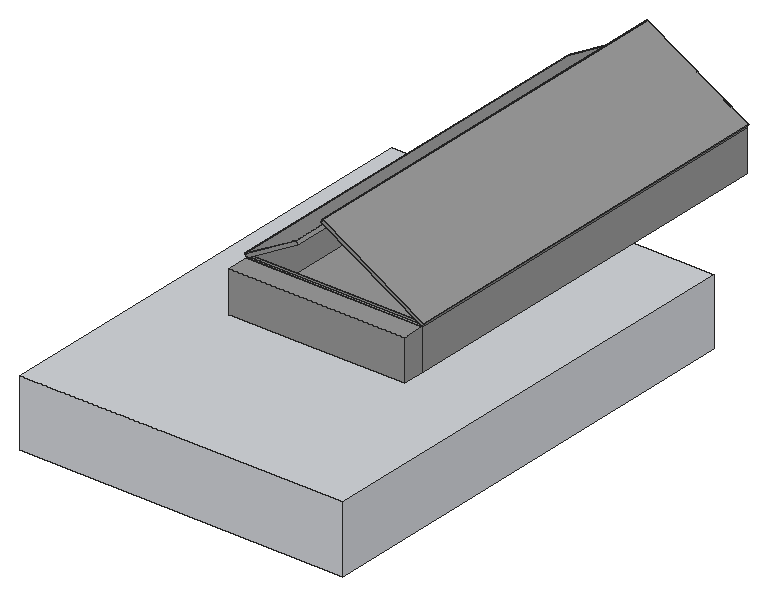
Revit family "Hager-Univers-IP54-D205-H1950-Cl.I-Encl-CH-fr", category Equipement électrique, Revit 2020
Family settings
  Hôte = Face
  Configuration du panneau = Deux colonnes, circuits au sein
  Cote de connecteur circulaire = Utiliser le diamètre
  Type d'élément = Tableau de raccordement
  Couper avec des vides une fois chargée = Non
  Partagée = Non
  Point de calcul de pièce = Non
Parameters (values of type "installation au sol IP54 L800 H1950 P205  - FP23TW2")
  Width Control [instance] = if([EF000008 - largeur] > Min Width, [EF000008 - largeur], Min Width)  # 800 mm
  Commentaires du type = [HG000003 - Gamme]  # "Univers"
  Thickness Door [instance] = if([EF009171 - épaisseur de matériau de la porte/du couvercle] > 3 mm, 3 mm, [EF009171 - épaisseur de matériau de la porte/du couvercle])  # 1 mm
  Seal Frame Offset [instance] = 17 mm  # constant formula
  Plinth Visibility [instance] = [HG000027 - Hauteur du socle] > 0 mm  # yes
  Model = ""
  Min Width [instance] = 100 mm  # constant formula
  Min Height [instance] = 100 mm  # constant formula
  Min Depth [instance] = (2 * [EF009170 - épaisseur de matériau du boîtier]) + 1 mm  # 3 mm
  Internal Frame Depth [instance] = (Door System Depth * 0.5)  # 9 mm
  Height Control [instance] = if([EF000040 - hauteur] > Min Height, [EF000040 - hauteur], Min Height)  # 1950 mm
  HG000027 - Hauteur du socle = 100 mm
  HG000026 - Installation au sol = yes
  HG000024 - Hauteur de la section basse = 800 mm
  HG000023 - Armoire double section = no
  HG000016 - Visibilité de la porte 3D [instance] = yes
  HG000015 - Visibilité de l'emprise de la porte [instance] = no
  HG000014 - Porte à droite [instance] = yes
  HG000013 - Porte à gauche [instance] = not([HG000014 - Porte à droite])  # no
  HG000012 - Angle de pivotement de la porte [instance] = 30.00°
  HG000010 - Portes asymétriques = yes
  HG000009 - Porte à double battant = yes
  HG000006 - Encastré = no
  HG000004 - Référence fabricant = "FP23TW2"
  HG000003 - Gamme = "Univers"
  HG000002 - avec porte = yes
  Frame Offset Bottom [instance] = 10 mm  # constant formula
  Frame Offset [instance] = 15 mm  # constant formula
  EF015940 - couvercle avec décharge de pression = no
  EF011959 - degré de protection (NEMA) = ""
  EF009554 - nombre d'ouvertures pour plaques à bride = 6
  Fabricant = "Hager"  # constant formula
  EF009212 - finition du couvercle = "EV000116 - fermé"
  EF009171 - épaisseur de matériau de la porte/du couvercle = 1 mm
  EF009170 - épaisseur de matériau du boîtier = 1 mm
  EF008873 - courant nominal (In) = 400 A
  EF007800 - adapté à un parafoudre = no
  EF006306 - avec serrure = no
  EF006244 - couvercle/porte transparent(e) = no
  EF005474 - indice de protection (IP) = "EV006419 - IP54"
  EF004464 - type de porte = "EV002646 - unique"
  EF004427 - nombre de modules = 432
  EF004293 - indice de protection contre les chocs (IK) = "EV006815 - IK09"
  EF003532 - convient pour utilisation à l’extérieur = no
  EF002950 - largeur en nombre de modules = 36
  EF001613 - maintien de fonction = "EV000494 - sans"
  EF001596 - matériau du boîtier/corps = "EV000179 - acier"
  EF001131 - profondeur intérieure = 205 mm
  EF001088 - possibilité de montage en saillie = yes
  EF000437 - nombre d'entrées de conduit = 6
  EF000339 - type de capot = "EV001012 - couvercle"
  EF000266 - nombre de rangées = 12
  EF000218 - profondeur d'encastrement = 0 mm
  EF000118 - avec cadre/support de montage = no
  EF000116 - numéro RAL = "9010"
  EF000049 - profondeur = 205 mm
  EF000040 - hauteur = 1950 mm
  EF000008 - largeur = 800 mm
  EF000007 - couleur = "EV000202 - blanc"
  EF000003 - mode de pose = "EV012274 - installation au sol"
  Door System Leaf Tolerance [instance] = 1.5 mm  # constant formula
  Door System Depth [instance] = 18 mm  # constant formula
  Door Height [instance] = Height Control - [HG000027 - Hauteur du socle]  # 1850 mm
  Depth Control [instance] = if([EF000049 - profondeur] > Min Depth, [EF000049 - profondeur], Min Depth)  # 205 mm
  Default Elevation = 0 mm
  Connector Offset [instance] = Height Control / 2  # 975 mm
  Bottom Top Plate Trim [instance] = 1.5 mm  # constant formula
  Plinth height Ctrl [instance] = if([HG000027 - Hauteur du socle] > 0 mm, [HG000027 - Hauteur du socle], 12 mm)  # 100 mm
Types (4, lengths in mm): name | Width Control | HG000010 - Portes asymétriques | HG000009 - Porte à double battant | HG000004 - Référence fabricant | EF009554 - nombre d'ouvertures pour plaques à bride | EF008873 - courant nominal (In) | EF004464 - type de porte | EF004427 - nombre de modules | EF002950 - largeur en nombre de modules | EF000437 - nombre d'entrées de conduit | EF000008 - largeur
  installation au sol IP54 L1300 H1950 P205  - FP25TW2 | 1300 | yes | yes | "FP25TW2" | 10 | 400 A | "EV003602 - double" | 720 | 60 | 10 | 1300
  installation au sol IP54 L300 H1950 P205  - FP21TW2 | 300 | no | no | "FP21TW2" | 2 | 250 A | "EV002646 - unique" | 144 | 12 | 2 | 300
  installation au sol IP54 L550 H1950 P205  - FP22TW2 | 550 | no | no | "FP22TW2" | 4 | 400 A | "EV002646 - unique" | 288 | 24 | 4 | 550
  installation au sol IP54 L800 H1950 P205  - FP23TW2 | 800 | yes | yes | "FP23TW2" | 6 | 400 A | "EV002646 - unique" | 432 | 36 | 6 | 800
Reference planes
  plane 1 "Center (Front/Back)": y = 0
  plane 2: z = 0
  plane 3 "Center (Left/Right)": x = 0
  plane 4: z = 205
  plane 5: y = 101
  plane 6: y = 1025
  plane 7: y = 100
  plane 8: y = 1950
  plane 9: z = 0
  plane 10: x = -385
  plane 11: x = 385
  plane 12: x = 384
  plane 13: x = -384
  plane 14: y = 1949
  plane 15: x = -383
  plane 16: x = -400
  plane 17: x = 383
  plane 18: x = 400
  plane 19: x = 399
  plane 20: x = -399
  plane 21: y = 111
  plane 22: y = 1950
  plane 23: y = 1934
  plane 24: z = 187
  plane 25: z = 1
  plane 26: z = 186
  plane 27: z = 204
Forms (mm)
  Extrusion 1, solid
    sketch origin (0, 0, 0) x (1, 0, 0) y (0, 1, 0)
      loop
        line (-702.964, 1305) -> (-702.964, -811.445) -> (766.763, -811.445) -> (766.763, 1305) -> (-702.964, 1305)
    from 0 to -304.8
  Extrusion 2, solid, material "Hager_Steel_RAL7035_Light_Grey", visible <- "Plinth Visibility", detail levels medium+fine
    sketch origin (0, 0, 0) x (1, 0, 0) y (0, 1, 0)
      loop
        line (-400, 0) -> (400, 0) -> (400, 100) -> (-400, 100) -> (-400, 0)
    from 0 to 187
  Extrusion 3, solid, material "Hager_Steel_RAL7035_Light_Grey", detail levels medium+fine
    sketch origin (0, 0, 0) x (1, 0, 0) y (0, 1, 0)
      loop
        line (-400, 100) -> (400, 100) -> (400, 1950) -> (-400, 1950) -> (-400, 100)
    from 0 to 187
  Extrusion 4, void
    sketch origin (0, 0, 0) x (1, 0, 0) y (0, 1, 0)
      loop
        line (-399, 101) -> (399, 101) -> (399, 1949) -> (-399, 1949) -> (-399, 101)
    from 1 to 186
  Extrusion 5, void
    sketch origin (-381.607, -4572, 187) x (0, -1, 0) y (-1, 0, 0)
      loop
        line (-4683, 2.393) -> (-6506, 2.393) -> (-6506, -765.607) -> (-4683, -765.607) -> (-4683, 2.393)
    from 0 to 1 <- "EF009170 - épaisseur de matériau du boîtier"
  Extrusion 6, solid, material "Hager_Steel_RAL7035_Light_Grey", detail levels fine
    sketch origin (0, 0, 187) x (1, 0, 0) y (0, 1, 0)
      loop
        line (-384, 1934) -> (-384, 111) -> (384, 111) -> (384, 1934) -> (-384, 1934)
      loop
        line (-385, 110) -> (385, 110) -> (385, 1935) -> (-385, 1935) -> (-385, 110)
    from 0 to 9 <- "Internal Frame Depth"
  Extrusion 7, solid, material "Hager_Steel_RAL7035_Light_Grey", detail levels coarse
    sketch origin (0, 0, 0) x (1, 0, 0) y (0, 1, 0)
      loop
        line (-400, 0) -> (400, 0) -> (400, 1950) -> (-400, 1950) -> (-400, 0)
    from 0 to 205
  Sweep 8, void
    path in 3D
      loop
        line (-400, 100, 0) -> (400, 100, 0) -> (400, 100, 187) -> (-400, 100, 187) -> (-400, 100, 0)
    profile origin (-400, 100, 93.5) x (-1, 0, 0) y (0, -1, 0)
      loop
        line (0, 0) -> (0, 1.5) -> (-1.5, 1.5)
        arc (-1.5, 1.5) -> (-1.061, 0.439) -> (0, 0) r 1.5
Cuts and joins
  Extrusion 4, Extrusion 5 cuts Extrusion 3
  Sweep 8 cuts Extrusion 2
Lines and regions (mm)
  Masking region 1
    outline origin (0, 0, 0) x (1, 0, 0) y (0, 0, 1)
      loop
        line (-400, 205) -> (-400, 0) -> (400, 0) -> (400, 205) -> (-400, 205)
  Masking region 2, detail levels medium+fine
    outline origin (0, 140, 0) x (0, 1, 0) y (0, 0, 1)
      loop
        line (-40, 0) -> (1810, 0) -> (1810, 187) -> (-40, 187) -> (-40, 0)
  Masking region 3, not visible, detail levels medium+fine
    outline origin (0, 297.922, 0) x (0, 1, 0) y (0, 0, 1)
      loop
        line (738.578, 0) -> (778.578, 0) -> (778.578, 194)
        arc (778.578, 194) -> (775.649, 201.071) -> (768.578, 204) r 10
        line (768.578, 204) -> (738.578, 204) -> (738.578, 0)
  Masking region 4, detail levels coarse
    outline origin (0, 0, 180) x (0, 1, 0) y (0, 0, 1)
      loop
        line (0, -180) -> (1950, -180) -> (1950, 25) -> (0, 25) -> (0, -180)
  Masking region 5, visible <- "Plinth Visibility", detail levels medium+fine
    outline origin (0, 52.24, 12.345) x (0, 0, -1) y (0, 1, 0)
      loop
        line (10.845, 47.76) -> (-173.155, 47.76)
        arc (-173.155, 47.76) -> (-173.594, 46.699) -> (-174.655, 46.26) r 1.5
        line (-174.655, 46.26) -> (-174.655, -52.24) -> (12.345, -52.24) -> (12.345, 46.26)
        arc (12.345, 46.26) -> (11.285, 46.699) -> (10.845, 47.76) r 1.5
  Masking region 6, detail levels medium+fine
    outline origin (-381.607, -4572, 187) x (-1, 0, 0) y (0, -1, 0)
      loop
        line (18.393, -6522) -> (18.393, -4672) -> (-781.607, -4672) -> (-781.607, -6522) -> (18.393, -6522)
  Masking region 7, visible <- "Plinth Visibility", detail levels medium+fine
    outline origin (-381.607, -4727, 187) x (-1, 0, 0) y (0, -1, 0)
      loop
        arc (16.893, -4827) -> (17.332, -4825.939) -> (18.393, -4825.5) r 1.5
        line (18.393, -4825.5) -> (18.393, -4727) -> (-781.607, -4727) -> (-781.607, -4825.5)
        arc (-781.607, -4825.5) -> (-780.546, -4825.939) -> (-780.107, -4827) r 1.5
        line (-780.107, -4827) -> (16.893, -4827)
  Masking region 8, detail levels coarse
    outline origin (-442.548, -4669.526, 187) x (-1, 0, 0) y (0, -1, 0)
      loop
        line (-42.548, -6619.526) -> (-42.548, -4669.526) -> (-842.548, -4669.526) -> (-842.548, -6619.526) -> (-42.548, -6619.526)
  sketch lines
    curve 1: line (-400, 100, 187) -> (-400, 100, 0)
    curve 2: line (400, 100, 187) -> (-400, 100, 187)
    curve 3: line (400, 100, 187) -> (400, 100, 0)
    curve 4: line (-400, 100, 0) -> (400, 100, 0)
Dimensions and locks
  "Depth Control": plane 4 to Extrusion 1
  "HG000027 - Hauteur du socle": plane 1 "Center (Front/Back)" to plane 7
  "EF009170 - épaisseur de matériau du boîtier": plane 5 to plane 7
  locked: connector elem to plane 3 "Center (Left/Right)"
  equal spacing: plane 8, plane 6, plane 7
  locked: connector elem to plane 6
  "EF009170 - épaisseur de matériau du boîtier": plane 8 to plane 14
  "EF009170 - épaisseur de matériau du boîtier": plane 10 to plane 13
  "EF009170 - épaisseur de matériau du boîtier": plane 12 to plane 11
  "Frame Offset": plane 20 to plane 13
  "Frame Offset": plane 12 to plane 19
  "EF009170 - épaisseur de matériau du boîtier": plane 16 to plane 20
  "EF009170 - épaisseur de matériau du boîtier": plane 19 to plane 18
  "Seal Frame Offset": plane 16 to plane 15
  "Seal Frame Offset": plane 17 to plane 18
  "Frame Offset Bottom": plane 21 to plane 5
  "Frame Offset": plane 14 to plane 23
  equal spacing: plane 16, plane 3 "Center (Left/Right)", plane 18
  "Width Control": plane 16 to plane 18
  "EF009170 - épaisseur de matériau du boîtier": plane 4 to plane 27
  "EF009170 - épaisseur de matériau du boîtier": plane 24 to plane 26
  "EF009170 - épaisseur de matériau du boîtier": plane 25 to level
  "Door System Depth": plane 4 to plane 24
  "Height Control": plane 1 "Center (Front/Back)" to Extrusion 7 sketch curve
  "Height Control": Masking region 4 sketch curve to plane 1 "Center (Front/Back)"
  "Height Control": plane 1 "Center (Front/Back)" to plane 22
  "Bottom Top Plate Trim": profile plane to Sweep 8 sketch curve
  "Bottom Top Plate Trim": Sweep 8 sketch curve to profile plane
  "Plinth height Ctrl": plane 1 "Center (Front/Back)" to Extrusion 2 sketch curve
  "Plinth height Ctrl": Masking region 5 sketch curve to plane 1 "Center (Front/Back)"
  "Plinth height Ctrl": plane 1 "Center (Front/Back)" to Masking region 7 sketch curve
  "Thickness Door": Extrusion 6 sketch curve to Extrusion 6 sketch curve  (x3)
  "Thickness Door": cut or joined group of Extrusion 3, Extrusion 4, Extrusion 5 to Extrusion 6 sketch curve
  radius of Masking region 3 sketch curve = 10 mm
  "Bottom Top Plate Trim": radius of Masking region 5 sketch curve  (x2)
  "Bottom Top Plate Trim": radius of Sweep 8 sketch curve
  "Bottom Top Plate Trim": radius of Masking region 7 sketch curve  (x2)
  aligned and locked: plane 2 to Extrusion 1
  aligned and locked: level to Extrusion 1
  aligned and locked: level to Masking region 1 sketch curve
  aligned and locked: Masking region 1 sketch curve to plane 18
  aligned and locked: Masking region 1 sketch curve to plane 16
  aligned and locked: plane 7 to Masking region 2 sketch curve
  aligned and locked: level to Masking region 3 sketch curve
  aligned and locked: Masking region 3 sketch curve to plane 27
  aligned and locked: level to Masking region 2 sketch curve
  aligned and locked: plane 1 "Center (Front/Back)" to Extrusion 2 sketch curve
  aligned and locked: Extrusion 3 sketch curve to plane 7
  aligned and locked: plane 16 to Extrusion 3 sketch curve
  aligned and locked: plane 18 to Extrusion 3 sketch curve
  aligned and locked: plane 20 to Extrusion 4 sketch curve
  aligned and locked: plane 19 to Extrusion 4 sketch curve
  aligned and locked: Extrusion 4 sketch curve to plane 5
  aligned and locked: Extrusion 4 to plane 25
  aligned and locked: plane 26 to Extrusion 4
  aligned and locked: plane 24 to Extrusion 3
  aligned and locked: Extrusion 5 sketch curve to plane 21
  aligned and locked: Extrusion 5 sketch curve to plane 13
  aligned and locked: Extrusion 5 sketch curve to plane 12
  aligned and locked: plane 18 to Extrusion 7 sketch curve
  aligned and locked: plane 1 "Center (Front/Back)" to Extrusion 7 sketch curve
  aligned and locked: plane 16 to Extrusion 7 sketch curve
  aligned and locked: plane 4 to Extrusion 7
  aligned and locked: Extrusion 7 to level
  aligned and locked: level to Masking region 4 sketch curve
  aligned and locked: Masking region 4 sketch curve to plane 1 "Center (Front/Back)"
  aligned and locked: Masking region 4 sketch curve to plane 4
  aligned and locked: nested 1 to level
  aligned and locked: nested 1 to plane 16
  aligned and locked: plane 8 to Extrusion 3 sketch curve
  aligned and locked: plane 23 to Extrusion 5 sketch curve
  aligned and locked: plane 14 to Extrusion 4 sketch curve
  aligned and locked: Masking region 2 sketch curve to plane 8
  aligned and locked: level to Masking region 5 sketch curve
  aligned and locked: plane 16 to Extrusion 2 sketch curve
  aligned and locked: plane 18 to Extrusion 2 sketch curve
  aligned and locked: Masking region 5 sketch curve to plane 24
  aligned and locked: Masking region 2 sketch curve to plane 24
  aligned and locked: plane 24 to Extrusion 2
  aligned and locked: profile plane to Sweep 8 sketch curve  (x2)
  aligned and locked: Masking region 6 sketch curve to plane 18
  aligned and locked: Masking region 6 sketch curve to plane 22
  aligned and locked: Masking region 6 sketch curve to plane 16
  aligned and locked: plane 8 to plane 22
  aligned and locked: Masking region 6 sketch curve to plane 7
  aligned and locked: Masking region 7 sketch curve to plane 16
  aligned and locked: Masking region 7 sketch curve to plane 1 "Center (Front/Back)"
  aligned and locked: Masking region 7 sketch curve to plane 18
  aligned and locked: Masking region 8 sketch curve to plane 1 "Center (Front/Back)"
  aligned and locked: Masking region 8 sketch curve to plane 18
  aligned and locked: Masking region 8 sketch curve to plane 22
  aligned and locked: Masking region 8 sketch curve to plane 16
  aligned and locked: nested 2 to plane 7
  aligned and locked: plane 3 "Center (Left/Right)" to nested 2
  aligned and locked: nested 2 to plane 24
  aligned and locked: Extrusion 6 sketch curve to cut or joined group of Extrusion 3, Extrusion 4, Extrusion 5  (x4)
Automatic sketch dimensions
  Extrusion 1 sketch curve to Extrusion 1 sketch curve = 1469.727 mm
  Extrusion 1 sketch curve to Extrusion 1 sketch curve = 2116.445 mm
  Masking region 1 sketch curve to plane 4 = 0 mm
  plane 6 to Masking region 3 sketch curve = 11.5 mm
  Masking region 3 sketch curve to Masking region 3 sketch curve = 30 mm
  Masking region 5 sketch curve to plane 1 "Center (Front/Back)" = 0 mm
Nested families
  nested 1: "Hager_Enclosure_Symbol" at (-400, 0, 0) x (1, 0, 0) z (0, -1, 0), Height <- "Depth Control", Width <- "Width Control", type "Hager_Enclosure_Symbol"
    with Width_Ctrl 800 mm, Width 800 mm, Height_Ctrl 205 mm, Height 205 mm, A_Width_Int 13.453 mm, A_Width 161.438 mm, A_Height_Ctrl 179.375 mm, A_Height 179.375 mm
  nested 2: "EC000058_Univers_Door" at (0, 100, 187) x (1, 0, 0) z (0, 1, 0), Leaf_Tolerance <- "Door System Leaf Tolerance", Angle <- "HG000012 - Angle de pivotement de la porte", Door_Depth <- "Door System Depth", Door_Left <- "HG000013 - Porte à gauche", Transparent <- "EF006244 - couvercle/porte transparent(e)", Assymetrical <- "HG000010 - Portes asymétriques", Width <- "Width Control", Clearance <- "HG000015 - Visibilité de l'emprise de la porte", Double <- "HG000009 - Porte à double battant", 3d_Door <- "HG000016 - Visibilité de la porte 3D", Lock_Visibility <- "EF006306 - avec serrure", Width_Ctrl <- "Width Control", Door_Right <- "HG000014 - Porte à droite", Door <- "HG000002 - avec porte", Height <- "Door Height", Thickness <- "Thickness Door", type "EC000058_Univers_Door", detail levels medium+fine
    with min_wh 3 mm, Width_Ctrl 800 mm, Width 800 mm, Transparent no, Thickness 1 mm, Seal_Material Hager_Rubber, Lock_Visibility no, Lock_Material Hager_Plastic_RAL9005_Jet_Black, Leaf_Width 800 mm, Leaf_Tolerance_External_Sides 0 mm, Leaf_Tolerance 1.5 mm, Leaf_Offset 0 mm, Leaf_Height 1847 mm, Leaf_2_Width 532.583 mm, Leaf_2_Offset 266.292 mm, Leaf_1_Width 265.917 mm, Leaf_1_Offset 132.958 mm, Height_Ctrl 1850 mm, Height 1850 mm, Glass_Material Hager_Glass, Double_Clearance_Ctrl no, Double yes, Door_Right_Ctrl yes, Door_Right yes, Door_Material Hager_Steel_RAL7035_Light_Grey, Door_Left_Ctrl yes, Door_Left no, Door_Depth 18 mm, Door yes, Clearance_Material Hager_Clearance, Clearance_Depth 532.583 mm, Clearance_Ctrl no, Clearance no, Assymetrical yes, Angle 30.00°, 3d_Door yes
Connectors
  electrical at (0, 1025, 0)
    settings: on plane 9, index 1, voltage 0 V, apparent load 0 VA, apparent load phase1 0 VA, apparent load phase2 0 VA, apparent load phase3 0 VA, power factor 1, load classification "Other", number of poles 1, system type 30, power factor state 1, is connector primary yes, connector utility no, sub classification motor no, connector description ""
Definition of nested family "EC000058_Univers_Door"
  Parameters (values of type "EC000058_Univers_Door")
    min_wh [instance] = (2 * Thickness) + 1 mm  # 11 mm
    Width_Ctrl [instance] = 400 mm
    Width [instance] = 500 mm
    Transparent [instance] = yes
    Thickness [instance] = 5 mm
    Seal_Material [instance] = none
    Lock_Visibility [instance] = yes
    Lock_Material [instance] = none
    Leaf_Width [instance] = if((Width_Ctrl - 2 * Leaf_Tolerance_External_Sides) > 0 mm, (Width_Ctrl - 2 * Leaf_Tolerance_External_Sides), min_wh)  # 400 mm
    Leaf_Tolerance_External_Sides [instance] = 0 mm  # constant formula
    Leaf_Tolerance [instance] = 1.5 mm
    Leaf_Offset [instance] = 0 mm  # constant formula
    Leaf_Height [instance] = if((Height_Ctrl - 2 * Leaf_Tolerance) > 0 mm, (Height_Ctrl - 2 * Leaf_Tolerance), min_wh)  # 497 mm
    Leaf_2_Width [instance] = if(and(and(Double, Assymetrical), Door_Left), (Leaf_Width / 3) - (Leaf_Tolerance / 2), if(and(and(Double, Assymetrical), Door_Right), (Leaf_Width / 3) * 2 - (Leaf_Tolerance / 2), if(and(Double, not(Assymetrical)), (Leaf_Width / 2) - Leaf_Tolerance, Leaf_Width)))  # 400 mm
    Leaf_2_Offset [instance] = if(and(Double, Assymetrical), Leaf_2_Width / 2, if(and(Double, not(Assymetrical)), Leaf_Width / 4, Leaf_Width / 2))  # 200 mm
    Leaf_1_Width [instance] = if(and(and(Double, Assymetrical), Door_Right), (Leaf_Width / 3) - (Leaf_Tolerance / 2), if(and(and(Double, Assymetrical), Door_Left), (Width / 3) * 2 - (Leaf_Tolerance / 2), if(and(Double, not(Assymetrical)), (Leaf_Width / 2) - Leaf_Tolerance, Leaf_Width)))  # 400 mm
    Leaf_1_Offset [instance] = if(and(Double, Assymetrical), Leaf_1_Width / 2, if(and(Double, not(Assymetrical)), Leaf_Width / 4, Leaf_Width / 2))  # 200 mm
    Height_Ctrl [instance] = if(Height > min_wh, Height, min_wh)  # 500 mm
    Height [instance] = 500 mm
    Glass_Material [instance] = none
    Double_Clearance_Ctrl [instance] = and(Double, Clearance)  # no
    Double [instance] = no
    Door_Right_Ctrl [instance] = and(or(Door_Right, Double), Door)  # yes
    Door_Right [instance] = yes
    Door_Material [instance] = none
    Door_Left_Ctrl [instance] = and(or(Door_Left, Double), Door)  # no
    Door_Left [instance] = no
    Door_Depth [instance] = 30 mm
    Door [instance] = yes
    Default Elevation = 1219.2 mm
    Clearance_Material [instance] = none
    Clearance_Depth [instance] = if(Leaf_1_Width > Leaf_2_Width, Leaf_1_Width, Leaf_2_Width)  # 400 mm
    Clearance_Ctrl [instance] = and(not(Double), Clearance)  # yes
    Clearance [instance] = yes
    Assymetrical [instance] = yes
    Angle [instance] = 30.00°
    3d_Door [instance] = yes
  Reference planes
    plane 1 "Center (Front/Back)": y = 0
    plane 2 "Bottom": z = 0
    plane 3 "Center (Left/Right)": x = 0
    plane 4: z = 500
    plane 5: x = -200
    plane 6: x = 200
    plane 7: z = 500
    plane 8: x = -200
    plane 9: z = 0
    plane 10: x = 200
    plane 11: y = 0
    plane 12: z = 1.5
    plane 13: x = -600
    plane 14: y = -400
    plane 15: x = 600
    plane 16: x = 0
    plane 17: x = 0
    plane 18: x = -200
    plane 19: x = 200
    plane 20: z = 498.5
  Forms (mm)
    Extrusion 1, solid, material <- "Clearance_Material", visible <- "Double_Clearance_Ctrl"
      sketch origin (1200, 0, 0) x (1, 0, 0) y (0, 0, -1)
        loop
          line (-1800, -498.5) -> (-600, -498.5) -> (-600, 0) -> (-1800, 0) -> (-1800, -498.5)
      from 0 to -400
  Dimensions and locks
    equal spacing: plane 5, plane 3 "Center (Left/Right)", plane 6
    "Width_Ctrl": plane 5 to plane 6
    "Leaf_Offset": plane 5 to plane 8
    "Leaf_Offset": plane 6 to plane 10
    "Leaf_Offset": plane 9 to level
    "Leaf_Offset": plane 4 to plane 7
    "Height_Ctrl": plane 4 to level
    "Leaf_Tolerance": plane 12 to plane 9
    locked: plane 11 to plane 1 "Center (Front/Back)"
    "Leaf_1_Offset": plane 18 to plane 16
    "Leaf_2_Offset": plane 17 to plane 19
    "Leaf_1_Width": plane 13 to plane 8
    "Leaf_2_Width": plane 10 to plane 15
    "Clearance_Depth": plane 14 to plane 1 "Center (Front/Back)"
    "Leaf_Tolerance_External_Sides": plane 8 to plane 18
    "Leaf_Tolerance_External_Sides": plane 19 to plane 10
    "Leaf_Tolerance": plane 7 to plane 20
    aligned and locked: level to plane 2 "Bottom"
    aligned and locked: nested 1 to plane 16
    aligned and locked: nested 2 to plane 17
    aligned and locked: Extrusion 1 to plane 13
    aligned and locked: plane 15 to Extrusion 1
    aligned and locked: Extrusion 1 to plane 14
    aligned and locked: plane 12 to nested 1
    aligned and locked: nested 2 to plane 12
    aligned and locked: Extrusion 1 to plane 11
    aligned and locked: plane 20 to Extrusion 1
    aligned and locked: nested 2 to plane 11
    aligned and locked: nested 1 to plane 11
  Automatic sketch dimensions
    Extrusion 1 sketch curve to level = 0 mm
    plane 5 to Extrusion 1 sketch curve = 400 mm
    plane 6 to Extrusion 1 sketch curve = 400 mm
    Extrusion 1 sketch curve to plane 4 = 1.5 mm
  Nested families
    nested 1: "EC000058_Univers_Door_Leaf" at (0, 0, 1.5), Width <- "Leaf_1_Width", visible <- "Door_Left_Ctrl", Leaf_Height <- "Leaf_Height", Angle <- "Angle", 3d_Door <- "3d_Door", Transparent <- "Transparent", Clearance Material <- "Clearance_Material", Clearance <- "Clearance_Ctrl", Door_Material <- "Door_Material", Glass_Material <- "Glass_Material", Door_Depth <- "Door_Depth", Lock_Material <- "Lock_Material", Seal_Material <- "Seal_Material", Lock_Visibility <- "Lock_Visibility", Thickness <- "Thickness", type "EC000058_Univers_Door_Leaf"
      with Width 400 mm, Transparent_Glass_Offset 30 mm, Transparent_Ctrl yes, Transparent yes, Thickness 5 mm, Standard no, Seal_Material none, Seal_D2 8 mm, Seal_D1 1 mm, Offset_Internal_Frame 10 mm, Lock_Width 20 mm, Lock_Visibility_3d yes, Lock_Visibility yes, Lock_Thickness_3 3 mm, Lock_Thickness_2 1 mm, Lock_Thickness_1 3 mm, Lock_Radius_Offset_2 16 mm, Lock_Radius_Offset_1 15 mm, Lock_Radius_2 5 mm, Lock_Radius 6 mm, Lock_Offset 5 mm, Lock_Material none, Lock_Height 80 mm, Lock_Cover_Top_Offset_2d 17 mm, Lock_Cover_Height -65 mm, Leaf_Height 497 mm, Internal_Seal_Thickness 8 mm, Internal_Seal_Depth_2 4.5 mm, Internal_Frame_Depth 25 mm, Glass_Thickness -1 mm, Glass_Offset -2 mm, Glass_Material none, Door_Material none, Door_Depth 30 mm, Clearance Material none, Clearance yes, Angle_Ctrl 30.00°, Angle 30.00°, 3d_Door yes
    nested 2: "EC000058_Univers_Door_Leaf" at (0, 0, 1.5) x (-1, 0, 0) z (0, 0, 1), Width <- "Leaf_2_Width", visible <- "Door_Right_Ctrl", Leaf_Height <- "Leaf_Height", Angle <- "Angle", 3d_Door <- "3d_Door", Transparent <- "Transparent", Clearance Material <- "Clearance_Material", Clearance <- "Clearance_Ctrl", Door_Material <- "Door_Material", Glass_Material <- "Glass_Material", Door_Depth <- "Door_Depth", Lock_Material <- "Lock_Material", Seal_Material <- "Seal_Material", Lock_Visibility <- "Lock_Visibility", Thickness <- "Thickness", type "EC000058_Univers_Door_Leaf"
      with Width 400 mm, Transparent_Glass_Offset 30 mm, Transparent_Ctrl yes, Transparent yes, Thickness 5 mm, Standard no, Seal_Material none, Seal_D2 8 mm, Seal_D1 1 mm, Offset_Internal_Frame 10 mm, Lock_Width 20 mm, Lock_Visibility_3d yes, Lock_Visibility yes, Lock_Thickness_3 3 mm, Lock_Thickness_2 1 mm, Lock_Thickness_1 3 mm, Lock_Radius_Offset_2 16 mm, Lock_Radius_Offset_1 15 mm, Lock_Radius_2 5 mm, Lock_Radius 6 mm, Lock_Offset 5 mm, Lock_Material none, Lock_Height 80 mm, Lock_Cover_Top_Offset_2d 17 mm, Lock_Cover_Height -65 mm, Leaf_Height 497 mm, Internal_Seal_Thickness 8 mm, Internal_Seal_Depth_2 4.5 mm, Internal_Frame_Depth 25 mm, Glass_Thickness -1 mm, Glass_Offset -2 mm, Glass_Material none, Door_Material none, Door_Depth 30 mm, Clearance Material none, Clearance yes, Angle_Ctrl 30.00°, Angle 30.00°, 3d_Door yes
  Definition of nested family "EC000058_Univers_Door_Leaf"
    Parameters (values of type "EC000058_Univers_Door_Leaf")
      Width [instance] = 2000 mm
      Transparent_Glass_Offset [instance] = 30 mm
      Transparent_Ctrl [instance] = and(Transparent, [3d_Door])  # yes
      Transparent [instance] = yes
      Thickness [instance] = 5 mm
      Standard [instance] = and(not(Transparent), [3d_Door])  # no
      Seal_Material [instance] = none
      Seal_D2 [instance] = 8 mm  # constant formula
      Seal_D1 [instance] = 1 mm  # constant formula
      Offset_Internal_Frame [instance] = 10 mm  # constant formula
      Lock_Width [instance] = 20 mm  # constant formula
      Lock_Visibility_3d [instance] = and(Lock_Visibility, [3d_Door])  # yes
      Lock_Visibility [instance] = yes
      Lock_Thickness_3 [instance] = 3 mm  # constant formula
      Lock_Thickness_2 [instance] = 1 mm  # constant formula
      Lock_Thickness_1 [instance] = 3 mm  # constant formula
      Lock_Radius_Offset_2 [instance] = Lock_Radius_Offset_1 + 1 mm  # 16 mm
      Lock_Radius_Offset_1 [instance] = 15 mm  # constant formula
      Lock_Radius_2 [instance] = Lock_Radius - 1 mm  # 5 mm
      Lock_Radius [instance] = 6 mm  # constant formula
      Lock_Offset [instance] = 5 mm  # constant formula
      Lock_Material [instance] = none
      Lock_Height [instance] = 80 mm  # constant formula
      Lock_Cover_Top_Offset_2d [instance] = Lock_Radius_Offset_2 + 1 mm  # 17 mm
      Lock_Cover_Height [instance] = -(Lock_Height - Lock_Radius_Offset_1)  # -65 mm
      Leaf_Height [instance] = 2720.336 mm
      Internal_Seal_Thickness [instance] = 8 mm  # constant formula
      Internal_Seal_Depth_2 [instance] = 4.5 mm  # constant formula
      Internal_Frame_Depth [instance] = if(Door_Depth - Thickness > 5 mm, Door_Depth - Thickness, 5 mm)  # 25 mm
      Glass_Thickness [instance] = if(Thickness > 15 mm, Glass_Offset + 10 mm, -1 mm)  # -1 mm
      Glass_Offset [instance] = if(Thickness > 15 mm, -(Thickness + 10 mm) / 2, -2 mm)  # -2 mm
      Glass_Material [instance] = none
      Door_Material [instance] = none
      Door_Depth [instance] = 30 mm
      Default Elevation = 0 mm
      Clearance Material [instance] = none
      Clearance [instance] = yes
      Angle_Ctrl [instance] = if(Angle > 180.00°, 180.00°, Angle)  # 90.00°
      Angle [instance] = 90.00°
      3d_Door [instance] = yes
    Reference planes
      plane 1 "Center (Front/Back)": y = 0
      plane 2: z = 0
      plane 3 "Center (Left/Right)": x = 0
      plane 4: y = 2000
      plane 5: x = -1000
      plane 6: x = 1000
      plane 7: x = -3000
      plane 8: z = 2720.336
      plane 9: z = 30
      plane 10: z = 2690.336
      plane 11: x = 970
      plane 12: x = -970
      plane 13: y = -3
      plane 14: z = 107.833
      plane 15: y = -5
      plane 16: y = -223.314
      plane 17: x = -1000
      plane 18: z = 1360.168
      plane 19: y = 30
    Forms (mm)
      Extrusion 1, solid, material <- "Clearance Material", visible <- "Clearance"
        sketch origin (0, 0, 0) x (1, 0, 0) y (0, 0, 1)
          loop
            line (-3000, 2720.336) -> (-3000, 0) -> (1000, 0) -> (1000, 2720.336) -> (-3000, 2720.336)
        from 0 to -2000
      Extrusion 2, solid, material <- "Door_Material", visible <- "Standard", detail levels medium+fine
        sketch origin (-1000, 0, 0) x (0, 1, 0) y (-1, 0, 0)
          loop
            line (0, 30) -> (0, 25) -> (2000, 25) -> (2000, 30) -> (0, 30)
        from 0 to 2720.336 <- "Leaf_Height"
      Extrusion 3, solid, material <- "Door_Material", visible <- "Transparent_Ctrl", detail levels medium+fine
        sketch origin (-1000, 0, 0) x (0, 1, 0) y (-1, 0, 0)
          loop
            line (0, 25) -> (2000, 25) -> (2000, 30) -> (0, 30) -> (0, 25)
        from 0 to 2720.336 <- "Leaf_Height"
      Extrusion 4, void
        sketch origin (-1025, 2000, 0) x (0, 1, 0) y (0, 0, -1)
          loop
            line (-30, -2690.336) -> (-30, -30) -> (-1970, -30) -> (-1970, -2690.336) -> (-30, -2690.336)
        from 0 to 5 <- "Thickness"
      Sweep 5, solid, material <- "Seal_Material", visible <- "Transparent_Ctrl", detail levels fine
        path in 3D
          loop
            line (-1025, 30, 30) -> (-1025, 30, 2690.336) -> (-1025, 1970, 2690.336) -> (-1025, 1970, 30) -> (-1025, 30, 30)
        profile origin (-1025, 1000, 30) x (1, 0, 0) y (0, 0, 1)
          loop
            line (0, 0) -> (0, -8) -> (1, -8) -> (1, 0) -> (0, 0)
      Extrusion 6, solid, material <- "Glass_Material", visible <- "Transparent_Ctrl", detail levels medium+fine
        sketch origin (-1030, 0, 0) x (0, 1, 0) y (0, 0, -1)
          loop
            line (1970, -2690.336) -> (1970, -30) -> (30, -30) -> (30, -2690.336) -> (1970, -2690.336)
        from -2 <- "Glass_Offset" to -1 <- "Glass_Thickness"
      Extrusion 7, solid, material <- "Door_Material", visible <- "3d_Door", detail levels medium+fine
        sketch origin (-1025, 2000, 0) x (0, -1, 0) y (0, 0, -1)
          loop
            line (0, -2720.336) -> (2000, -2720.336) -> (2000, 0) -> (0, 0) -> (0, -2720.336)
          loop
            line (1995, -5) -> (5, -5) -> (5, -2715.336) -> (1995, -2715.336) -> (1995, -5)
        from 0 to 25 <- "Internal_Frame_Depth"
      Sweep 8, solid, material <- "Seal_Material", visible <- "Transparent_Ctrl", detail levels fine
        path in 3D
          loop
            line (-1025, 0, 0) -> (-1025, 2000, 0) -> (-1025, 2000, 2720.336) -> (-1025, 0, 2720.336) -> (-1025, 0, 0)
        profile origin (-1025, 0, 1360.168) x (1, 0, 0) y (0, 1, 0)
          loop
            line (0, 10) -> (2.975, 10)
            arc (2.975, 10) -> (4.053, 10.447) -> (4.5, 11.525) r 1.525
            line (4.5, 11.525) -> (4.5, 16.527)
            arc (4.5, 16.527) -> (4.069, 17.569) -> (3.027, 18) r 1.473
            line (3.027, 18) -> (0, 18) -> (0, 10)
      Extrusion 9, solid, material <- "Lock_Material", visible <- "Lock_Visibility_3d", detail levels fine
        sketch origin (-1030, 0, 0) x (0, 1, 0) y (0, 0, -1)
          loop
            arc (1993.5, -1400.168) -> (1994.561, -1399.729) -> (1995, -1398.668) r 1.5
            line (1995, -1398.668) -> (1995, -1320.168) -> (1975, -1320.168) -> (1975, -1398.668)
            arc (1975, -1398.668) -> (1975.439, -1399.729) -> (1976.5, -1400.168) r 1.5
            line (1976.5, -1400.168) -> (1993.5, -1400.168)
        from 3 <- "Lock_Thickness_1" to 0
      Blend 10, solid, material <- "Lock_Material", visible <- "Lock_Visibility_3d", detail levels fine
        base sketch origin (-1033, 0, 0) x (0, 1, 0) y (0, 0, -1)
          loop
            line (1975, -1320.168) -> (1975, -1398.668)
            arc (1975, -1398.668) -> (1975.439, -1399.729) -> (1976.5, -1400.168) r 1.5
            line (1976.5, -1400.168) -> (1993.5, -1400.168)
            arc (1993.5, -1400.168) -> (1994.561, -1399.729) -> (1995, -1398.668) r 1.5
            line (1995, -1398.668) -> (1995, -1320.168) -> (1975, -1320.168)
        top sketch origin (-1033, 0, 0) x (0, 1, 0) y (0, 0, -1)
          loop
            line (1976, -1320.168) -> (1976, -1398.668)
            arc (1976, -1398.668) -> (1976.146, -1399.022) -> (1976.5, -1399.168) r 0.5
            line (1976.5, -1399.168) -> (1993.5, -1399.168)
            arc (1993.5, -1399.168) -> (1993.854, -1399.022) -> (1994, -1398.668) r 0.5
            line (1994, -1398.668) -> (1994, -1320.168) -> (1976, -1320.168)
        from 0 to 1 <- "Lock_Thickness_2"
      Blend 11, solid, material <- "Lock_Material", visible <- "Lock_Visibility_3d", detail levels fine
        base sketch origin (-1034, 0, 0) x (0, 1, 0) y (0, 0, -1)
          loop
            line (1978, -1320.168) -> (1978, -1384.168)
            arc (1978, -1384.168) -> (1985, -1391.168) -> (1992, -1384.168) r 7
            line (1992, -1384.168) -> (1992, -1320.168) -> (1978, -1320.168)
        top sketch origin (-1034, 0, 0) x (0, 1, 0) y (0, 0, -1)
          loop
            line (1991, -1320.168) -> (1979, -1320.168) -> (1979, -1383.168)
            arc (1979, -1383.168) -> (1985, -1389.168) -> (1991, -1383.168) r 6
            line (1991, -1383.168) -> (1991, -1320.168)
        from 0 to 3 <- "Lock_Thickness_3"
      Extrusion 12, solid, material <- "Lock_Material", visible <- "Lock_Visibility_3d", detail levels fine
        sketch origin (-1030, 1975, 1320.168) x (1, 0, 0) y (0, -1, 0)
          loop
            line (-7, -19) -> (-7, -1) -> (0, -1) -> (0, 0) -> (-8, 0) -> (-8, -20) -> (0, -20) -> (0, -19) -> (-7, -19)
        from 0 to -65 <- "Lock_Cover_Height"
      Extrusion 13, void
        sketch origin (-1038, 1995, 1320.168) x (-1, 0, 0) y (0, 0, -1)
          loop
            line (-5, -65) -> (0, -65) -> (-5, -60) -> (-5, -65)
        from 0 to 20 <- "Lock_Width"
      Extrusion 14, void
        sketch origin (-1038, 1975, 1320.168) x (0, -1, 0) y (0, 0, -1)
          loop
            circle (-10, -15.995) r 6
          loop
            circle (-10, -15.995) r 5
        from 0 to 2
      Extrusion 15, solid, material <- "Lock_Material", visible <- "Lock_Visibility_3d", detail levels medium
        sketch origin (-1030, 0, 0) x (0, 1, 0) y (0, 0, -1)
          loop
            arc (1993.5, -1400.168) -> (1994.561, -1399.729) -> (1995, -1398.668) r 1.5
            line (1995, -1398.668) -> (1995, -1320.168) -> (1975, -1320.168) -> (1975, -1398.668)
            arc (1975, -1398.668) -> (1975.439, -1399.729) -> (1976.5, -1400.168) r 1.5
            line (1976.5, -1400.168) -> (1993.5, -1400.168)
        from 8 to 0
    Cuts and joins
      Extrusion 4 cuts Extrusion 3
      Extrusion 13, Extrusion 14 cuts Extrusion 9
      Extrusion 14 cuts Blend 11
      Extrusion 13, Extrusion 14 cuts Extrusion 12
      joined: Extrusion 9, Blend 10, Blend 11, Extrusion 12
      Extrusion 14 cuts Extrusion 15
    Lines and regions (mm)
      Masking region 1, visible <- "Lock_Visibility", detail levels fine
        outline origin (0, 0, 0) x (0, 1, 0) y (0, 0, 1)
          loop
            line (30, 1320.168) -> (33, 1320.168) -> (33, 1400.168) -> (30, 1400.168) -> (30, 1320.168)
      Masking region 2, visible <- "Lock_Visibility", detail levels fine
        outline origin (0, 3.143, 0) x (0, 1, 0) y (0, 0, 1)
          loop
            line (29.857, 1354.168) -> (30.857, 1354.168) -> (30.857, 1366.168) -> (29.857, 1366.168) -> (29.857, 1354.168)
      Masking region 3, detail levels medium+fine
        outline origin (0, 0, 0) x (0, 1, 0) y (0, 0, 1)
          loop
            line (0, 0) -> (30, 0) -> (30, 2720.336) -> (0, 2720.336) -> (0, 0)
      Masking region 4, detail levels medium+fine
        outline origin (0, 0, 0) x (1, 0, 0) y (0, 0, 1)
          loop
            line (-1000, 2720.336) -> (-1000, 0) -> (1000, 0) -> (1000, 2720.336) -> (-1000, 2720.336)
      Masking region 5, visible <- "Lock_Visibility", detail levels fine
        outline origin (-47.116, 0, 0) x (1, 0, 0) y (0, 0, 1)
          loop
            arc (1024.616, 1399.168) -> (1023.556, 1398.729) -> (1023.116, 1397.668) r 1.5
            line (1023.116, 1397.668) -> (1023.116, 1320.168) -> (1041.116, 1320.168) -> (1041.116, 1397.668)
            arc (1041.116, 1397.668) -> (1040.677, 1398.729) -> (1039.616, 1399.168) r 1.5
            line (1039.616, 1399.168) -> (1024.616, 1399.168)
      Masking region 6, visible <- "Lock_Visibility", detail levels medium+fine
        outline origin (-25, 0, 0) x (1, 0, 0) y (0, 0, 1)
          loop
            arc (1001.5, 1400.168) -> (1000.439, 1399.729) -> (1000, 1398.668) r 1.5
            line (1000, 1398.668) -> (1000, 1320.168) -> (1020, 1320.168) -> (1020, 1398.668)
            arc (1020, 1398.668) -> (1019.561, 1399.729) -> (1018.5, 1400.168) r 1.5
            line (1018.5, 1400.168) -> (1001.5, 1400.168)
      Masking region 7, visible <- "Lock_Visibility", detail levels fine
        outline origin (-73.735, 0, 0) x (1, 0, 0) y (0, 0, 1)
          loop
            line (1051.735, 1382.168) -> (1065.735, 1382.168) -> (1065.735, 1384.168)
            arc (1065.735, 1384.168) -> (1058.735, 1391.168) -> (1051.735, 1384.168) r 7
            line (1051.735, 1384.168) -> (1051.735, 1382.168)
      Masking region 8, visible <- "Lock_Visibility", detail levels fine
        outline origin (-73.735, 0, 0) x (1, 0, 0) y (0, 0, 1)
          loop
            line (1052.735, 1382.168) -> (1064.735, 1382.168) -> (1064.735, 1383.168)
            arc (1064.735, 1383.168) -> (1058.735, 1389.168) -> (1052.735, 1383.168) r 6
            line (1052.735, 1383.168) -> (1052.735, 1382.168)
      Masking region 9, visible <- "Lock_Visibility", detail levels fine
        outline origin (-25, 0, 0) x (1, 0, 0) y (0, 0, 1)
          loop
            line (1020, 1320.168) -> (1020, 1382.168) -> (1000, 1382.168) -> (1000, 1320.168) -> (1020, 1320.168)
      Masking region 10, detail levels medium+fine
        outline origin (0, 0, 0) x (1, 0, 0) y (0, 0, 1)
          loop
            circle (985, 1335.144) r 6
      Masking region 11, detail levels fine
        outline origin (0, 0, 0) x (1, 0, 0) y (0, 0, 1)
          loop
            circle (985, 1335.144) r 5
      Masking region 12, visible <- "Lock_Visibility", detail levels fine
        outline origin (0, 12.767, 0) x (0, 1, 0) y (0, 0, 1)
          loop
            line (20.233, 1320.168) -> (21.233, 1320.168) -> (21.233, 1399.168) -> (20.233, 1400.168) -> (20.233, 1320.168)
      Masking region 13, visible <- "Lock_Visibility", detail levels fine
        outline origin (0, 13.767, -10) x (0, 1, 0) y (0, 0, 1)
          loop
            line (20.233, 1330.168) -> (23.233, 1330.168) -> (23.233, 1399.168) -> (20.233, 1402.168) -> (20.233, 1330.168)
      Masking region 14, visible <- "Lock_Visibility", detail levels fine
        outline origin (0, 12.767, -10) x (0, 1, 0) y (0, 0, 1)
          loop
            line (20.233, 1330.168) -> (25.233, 1330.168) -> (25.233, 1399.305) -> (20.233, 1394.305) -> (20.233, 1330.168)
      Masking region 15, visible <- "Lock_Visibility", detail levels medium
        outline origin (0, 0, 0) x (0, 1, 0) y (0, 0, 1)
          loop
            line (30, 1320.168) -> (38, 1320.168) -> (38, 1400.168) -> (30, 1400.168) -> (30, 1320.168)
      Masking region 16, visible <- "Lock_Visibility", detail levels fine
        outline origin (-1000, 0, 0) x (0, 1, 0) y (-1, 0, 0)
          loop
            line (1975, 30) -> (1995, 30) -> (1995, 38) -> (1975, 38) -> (1975, 30)
          loop
            line (1979, 37) -> (1976, 37) -> (1976, 34) -> (1978, 34) -> (1979, 37)
          loop
            line (1994, 37) -> (1991, 37) -> (1992, 34) -> (1994, 34) -> (1994, 37)
      Masking region 17, visible <- "Lock_Visibility", detail levels medium
        outline origin (-1000, 0, 0) x (0, 1, 0) y (-1, 0, 0)
          loop
            line (1975, 30) -> (1995, 30) -> (1995, 38) -> (1975, 38) -> (1975, 30)
      symbolic lines
        curve 1: line (1000, 0, 0) -> (-3000, 0, 0)
        curve 2: arc (1000, 0, 0) -> (-1000, 2000, 0) -> (-3000, 0, 0) r 2000
        curve 4: line (-1030, 0, 0) -> (-1030, 2000, 0)
      reference lines
        curve 3: line (-1000, 0, 0) -> (-1000, 2000, 0)
      symbolic lines, detail levels medium+fine
        curve 5: line (-1030, 2000, 0) -> (-1025, 2000, 0)
        curve 7: line (-1025, 0, 0) -> (-1030, 0, 0)
        curve 8: line (-1025, 0, 0) -> (-1000, 0, 0)
        curve 9: line (-1000, 0, 0) -> (-1000, 2000, 0)
        curve 10: line (-1000, 2000, 0) -> (-1025, 2000, 0)
      symbolic lines, detail levels fine
        curve 6: line (-1025, 2000, 0) -> (-1025, 0, 0)
      sketch lines
        curve 11: line (-1025, 0, 2720.336) -> (-1025, 0, 0)
        curve 12: line (-1025, 2000, 0) -> (-1025, 0, 0)
        curve 13: line (-1025, 2000, 2720.336) -> (-1025, 2000, 0)
        curve 14: line (-1025, 0, 2720.336) -> (-1025, 2000, 2720.336)
        curve 15: line (-1025, 1970, 30) -> (-1025, 30, 30)
        curve 16: line (-1025, 30, 30) -> (-1025, 30, 2690.336)
        curve 17: line (-1025, 1970, 2690.336) -> (-1025, 1970, 30)
        curve 18: line (-1025, 30, 2690.336) -> (-1025, 1970, 2690.336)
      symbolic lines, visible <- "Transparent", detail levels medium+fine
        curve 19: line (-970, 0, 2690.336) -> (970, 0, 2690.336)
        curve 20: line (-970, 0, 30) -> (-970, 0, 2690.336)
        curve 21: line (970, 0, 30) -> (-970, 0, 30)
        curve 22: line (970, 0, 2690.336) -> (970, 0, 30)
    Dimensions and locks
      "Width": plane 1 "Center (Front/Back)" to plane 4
      equal spacing: plane 5, plane 3 "Center (Left/Right)", plane 6
      "Width": plane 5 to plane 6
      "Width": plane 7 to plane 5
      "Leaf_Height": plane 8 to level
      "Width": curve 5 to curve 3
      "Width": curve 3 to curve 3
      plane 8 to plane 10 = 30 mm
      plane 9 to level = 30 mm
      plane 12 to plane 5 = 30 mm
      plane 6 to plane 11 = 30 mm
      Extrusion 1 to Extrusion 4 sketch curve = 30 mm
      "Transparent_Glass_Offset": curve 3 to Extrusion 4 sketch curve
      "Transparent_Glass_Offset": Extrusion 4 sketch curve to cut or joined group of Extrusion 3, Extrusion 4  (x2)
      cut or joined group of Extrusion 3, Extrusion 4 to Extrusion 6 sketch curve = 30 mm
      "Transparent_Glass_Offset": cut or joined group of Extrusion 3, Extrusion 4 to Extrusion 4 sketch curve
      "Thickness": curve 6 to curve 4
      "Thickness": Extrusion 7 sketch curve to Extrusion 7 sketch curve  (x4)
      "Door_Depth": curve 4 to curve 3
      "Offset_Internal_Frame": profile plane to Sweep 8 sketch curve
      "Internal_Seal_Thickness": Sweep 8 sketch curve to Sweep 8 sketch curve
      "Internal_Seal_Depth_2": profile plane to Sweep 8 sketch curve
      "Seal_D1": profile plane to Sweep 5 sketch curve
      "Seal_D2": profile plane to Sweep 5 sketch curve
      "Thickness": Extrusion 2 sketch curve to Extrusion 2 sketch curve
      equal spacing: Extrusion 9 sketch curve, plane 18, Extrusion 9 sketch curve  (x2)
      equal spacing: Masking region 1 sketch curve, plane 18, Masking region 1 sketch curve
      "Lock_Height": Masking region 1 sketch curve to Masking region 1 sketch curve
      "Lock_Radius": Masking region 2 sketch curve to plane 18 to Masking region 2 sketch curve
      Masking region 2 sketch curve to Masking region 1 = 1 mm
      "Door_Depth": plane 19 to plane 1 "Center (Front/Back)"
      "Lock_Thickness_1": Masking region 1 sketch curve to plane 19
      "Lock_Width": Extrusion 9 sketch curve to Extrusion 9 sketch curve
      "Lock_Height": Extrusion 9 sketch curve to Extrusion 9 sketch curve
      "Lock_Offset": cut or joined group of Extrusion 3, Extrusion 4 to Extrusion 9 sketch curve
      equal spacing: plane 8, plane 18, level
      "Lock_Radius_Offset_1": Blend 11 sketch curve to Blend 10
      locked: Blend 10 to Blend 11 sketch curve at 2  (x2)
      locked: var sketch to Blend 11 sketch curve at 1  (x2)
      "Lock_Radius_Offset_2": Blend 11 sketch curve to Blend 10
      locked: Extrusion 12 sketch curve to Extrusion 12 sketch curve at 1  (x3)
      Masking region 6 sketch curve to Masking region 6 sketch curve = 80 mm
      "Lock_Height": Masking region 6 sketch curve to Masking region 6 sketch curve
      "Lock_Width": Masking region 6 sketch curve to Masking region 6 sketch curve
      locked: Masking region 6 to Masking region 5 sketch curve at 1  (x3)
      locked: Masking region 5 to Masking region 7 sketch curve at 2  (x2)
      "Lock_Radius_Offset_1": Masking region 5 to Masking region 7 sketch curve
      "Lock_Radius_Offset_2": Masking region 5 to Masking region 8 sketch curve
      locked: Masking region 7 to Masking region 8 sketch curve at 1  (x2)
      "Lock_Cover_Top_Offset_2d": Masking region 5 to Masking region 9 sketch curve
      equal spacing: Masking region 9, Masking region 10 sketch curve, Masking region 9
      equal spacing: Masking region 9, Masking region 11 sketch curve, Masking region 9
      Extrusion 15 sketch curve to Extrusion 15 sketch curve = 80 mm
      "Lock_Width": Extrusion 15 sketch curve to Extrusion 15 sketch curve
      "Lock_Height": Extrusion 15 sketch curve to Extrusion 15 sketch curve
      equal spacing: Extrusion 15 sketch curve, plane 18, Extrusion 15 sketch curve
      "Lock_Thickness_3": Masking region 13 sketch curve to Masking region 13 sketch curve
      "Lock_Height": Masking region 12 sketch curve to Masking region 12 sketch curve
      locked: Masking region 13 sketch curve to Masking region 1 at 8
      locked: Masking region 14 sketch curve to Masking region 13 at 1
      locked: Masking region 14 sketch curve to Masking region 1 at 10.863
      "Lock_Height": Masking region 15 sketch curve to Masking region 15 sketch curve
      "Lock_Offset": Extrusion 15 sketch curve to cut or joined group of Extrusion 3, Extrusion 4
      "Lock_Offset": plane 6 to Masking region 6 sketch curve
      radius of Sweep 8 sketch curve = 1.525 mm
      radius of Sweep 8 sketch curve = 1.473 mm
      radius of Extrusion 9 sketch curve = 1.5 mm  (x2)
      "Lock_Radius": radius of Extrusion 14 sketch curve
      "Lock_Radius_2": radius of Extrusion 14 sketch curve
      "Lock_Radius": radius of Masking region 10 sketch curve
      "Lock_Radius_2": radius of Masking region 11 sketch curve
      radius of Extrusion 15 sketch curve = 1.5 mm  (x2)
      "Angle_Ctrl": angle plane 1 "Center (Front/Back)" to curve 3
      locked: Masking region 12 sketch curve to Masking region 12 sketch curve (angle 45.00°)
      locked: Masking region 13 sketch curve to Masking region 13 sketch curve (angle 45.00°)
      locked: Masking region 14 sketch curve to Masking region 14 sketch curve (angle 45.00°)
      aligned and locked: level to plane 2
      aligned and locked: Extrusion 1 to curve 1
      aligned and locked: plane 6 to Extrusion 1
      aligned and locked: Extrusion 1 to plane 1 "Center (Front/Back)"
      aligned and locked: plane 4 to Extrusion 1
      aligned and locked: plane 8 to Extrusion 1
      aligned and locked: curve 7 to Extrusion 2 sketch curve
      aligned and locked: curve 5 to Extrusion 2 sketch curve
      aligned and locked: curve 7 to Extrusion 3 sketch curve
      aligned and locked: Extrusion 3 sketch curve to curve 4
      aligned and locked: Extrusion 3 sketch curve to curve 6
      aligned and locked: Extrusion 3 sketch curve to curve 5
      aligned and locked: curve 9 to curve 3
      aligned and locked: Extrusion 7 sketch curve to cut or joined group of Extrusion 3, Extrusion 4  (x4)
      aligned and locked: plane 17 to curve 3
      aligned and locked: plane 1 "Center (Front/Back)" to curve 3
      aligned and locked: plane 17 to plane 5
      aligned and locked: Sweep 8 sketch curve to profile plane
      aligned and locked: Sweep 5 sketch curve to profile plane  (x2)
      aligned and locked: Masking region 1 to Masking region 2 sketch curve
      aligned and locked: plane 19 to Masking region 1 sketch curve
      aligned and locked: plane 1 "Center (Front/Back)" to Masking region 3 sketch curve
      aligned and locked: plane 19 to Masking region 3 sketch curve
      aligned and locked: level to Masking region 3 sketch curve
      aligned and locked: Masking region 3 sketch curve to plane 8
      aligned and locked: plane 17 to Masking region 4 sketch curve
      aligned and locked: level to Masking region 4 sketch curve
      aligned and locked: Masking region 4 sketch curve to plane 8
      aligned and locked: plane 12 to curve 20
      aligned and locked: plane 10 to curve 19
      aligned and locked: plane 11 to curve 22
      aligned and locked: curve 21 to plane 9
      aligned and locked: Extrusion 2 sketch curve to cut or joined group of Extrusion 3, Extrusion 4
      aligned and locked: Blend 10 sketch curve to Extrusion 9  (x4)
      aligned and locked: Extrusion 9 to Blend 10 sketch curve
      aligned and locked: Blend 10 to Blend 11 sketch curve
      aligned and locked: Extrusion 12 sketch curve to Blend 11
      aligned and locked: Extrusion 12 sketch curve to Extrusion 9  (x4)
      aligned and locked: Masking region 5 sketch curve to Masking region 6
      aligned and locked: Masking region 9 sketch curve to Masking region 6  (x3)
      aligned and locked: Masking region 12 sketch curve to Masking region 1
      aligned and locked: Masking region 13 sketch curve to Masking region 1
      aligned and locked: Masking region 12 to Masking region 14
      aligned and locked: Masking region 14 sketch curve to Masking region 1
      aligned and locked: Masking region 15 sketch curve to Masking region 14
      aligned and locked: Masking region 13 sketch curve to Masking region 12
      aligned and locked: Masking region 16 sketch curve to cut or joined group of Extrusion 14, Extrusion 15  (x4)
      aligned and locked: Masking region 16 sketch curve to cut or joined group of Extrusion 9, Blend 10, Blend 11, Extrusion 12, Extrusion 13, Extrusion 14  (x6)
      aligned and locked: cut or joined group of Extrusion 9, Blend 10, Blend 11, Extrusion 12, Extrusion 13, Extrusion 14 to Masking region 16 sketch curve
      aligned and locked: Masking region 17 sketch curve to cut or joined group of Extrusion 14, Extrusion 15  (x3)
      aligned and locked: Masking region 17 sketch curve to cut or joined group of Extrusion 9, Blend 10, Blend 11, Extrusion 12, Extrusion 13, Extrusion 14
      aligned and locked: Masking region 9 to Masking region 8 sketch curve
      aligned and locked: Masking region 9 to Masking region 7 sketch curve
    Automatic sketch dimensions
      plane 1 "Center (Front/Back)" to curve 2 = 0 mm
      curve 2 to plane 5 = 0 mm
      Extrusion 1 sketch curve to level = 0 mm
      Extrusion 1 sketch curve to plane 7 = 0 mm
      Extrusion 1 sketch curve to plane 6 = 0 mm
      Extrusion 1 sketch curve to plane 8 = 0 mm
      Extrusion 3 to Extrusion 6 sketch curve = 30 mm  (x4)
      Masking region 4 sketch curve to plane 6 = 0 mm
      Blend 10 sketch curve to Extrusion 9 = 1.5 mm
      Blend 10 sketch curve to Extrusion 9 = 1 mm
      Extrusion 13 sketch curve to Extrusion 12 = 0 mm  (x2)
      Extrusion 12 to Extrusion 13 sketch curve = 3 mm
      Extrusion 13 sketch curve to Extrusion 12 = 5 mm
      Extrusion 14 sketch curve to Extrusion 14 sketch curve = 0 mm  (x2)
      Extrusion 14 sketch curve to Extrusion 12 = 10 mm
      Extrusion 14 sketch curve to Extrusion 12 = 15.995 mm
      Masking region 5 sketch curve to Masking region 5 sketch curve = 1.5 mm  (x2)
      Masking region 10 sketch curve to plane 18 = 25.024 mm
      Masking region 11 sketch curve to plane 18 = 25.024 mm
      plane 19 to Masking region 14 sketch curve = 3 mm
      Masking region 16 sketch curve to Masking region 16 sketch curve = 3 mm
      curve 4 to curve 3 = 0 mm
      Blend 10 to Blend 11 sketch curve = 0 mm
      Masking region 6 sketch curve to Masking region 6 sketch curve = 1.5 mm  (x2)
      Masking region 6 sketch curve to plane 18 = 40 mm
      plane 19 to Masking region 12 sketch curve = 3 mm
      Masking region 12 sketch curve to Masking region 12 sketch curve = 1 mm
      Masking region 15 sketch curve to plane 19 = 0 mm
      Masking region 15 sketch curve to plane 18 = 40 mm
      radius of Blend 10 sketch curve to Extrusion 9 = 1 mm
Definition of nested family "Hager_Enclosure_Symbol"
  Parameters (values of type "Hager_Enclosure_Symbol")
    Width_Ctrl [instance] = if(Width > 1 mm, Width, 1 mm)  # 102.27 mm
    Width [instance] = 102.27 mm
    Height_Ctrl [instance] = if(Height > 1 mm, Height, 1 mm)  # 66.5 mm
    A_Width_Int [instance] = if(A_Width / 12 > 2 mm, A_Width / 12, 2 mm)  # 4.364 mm
    A_Width [instance] = if(A_Height_Ctrl * 0.9 > 2 mm, A_Height_Ctrl * 0.9, 2 mm)  # 52.369 mm
    A_Height_Ctrl [instance] = if(A_Height > 2 mm, A_Height, 2 mm)  # 58.188 mm
    Height [instance] = 66.5 mm
    A_Height [instance] = Height - (Height / 8)  # 58.188 mm
  Reference planes
    plane 1 "Centre (avant/arrière)": y = 0
    plane 2: z = 0
    plane 3 "Centre (gauche/droite)": x = 0
    plane 4: x = 52.369
    plane 5: y = 33.042
    plane 6: y = 41.77
    plane 7: y = 66.5
    plane 8: x = 26.184
    plane 9: y = 37.406
    plane 10: x = 102.27
    plane 11: y = 66.5
    plane 12: y = 8.313
  Lines and regions (mm)
    Filled region 1, type "Solid_Black", in view "Niveau de réf."
      outline origin (0, 0, 0) x (1, 0, 0) y (0, 1, 0)
        loop
          line (52.369, 66.5) -> (33.188, 54.536) -> (45.365, 45.006) -> (52.369, 66.5)
    Filled region 2, type "Solid_Black", in view "Niveau de réf."
      outline origin (0, 0, 0) x (1, 0, 0) y (0, 1, 0)
        loop
          line (0, 0) -> (102.27, 0) -> (102.27, 66.5) -> (0, 0)
    detail lines, in view "Niveau de réf."
      curve 1: line (0, 8.313, 0) -> (26.184, 41.77, 0)
      curve 2: line (26.184, 41.77, 0) -> (26.184, 33.042, 0)
      curve 3: line (26.184, 33.042, 0) -> (52.369, 66.5, 0)
  Dimensions and locks
    "A_Width": plane 3 "Centre (gauche/droite)" to plane 4
    equal spacing: plane 3 "Centre (gauche/droite)", plane 8, plane 4
    equal spacing: plane 6, plane 9, plane 5
    equal spacing: curve 3, Filled region 1 sketch curve, Filled region 1 sketch curve
    "Height_Ctrl": plane 1 "Centre (avant/arrière)" to plane 11
    "A_Height_Ctrl": plane 11 to plane 12
    equal spacing: plane 11, plane 9, plane 12
    "A_Width_Int": plane 6 to plane 9
    "Width_Ctrl": plane 3 "Centre (gauche/droite)" to plane 10
    angle Filled region 1 sketch curve to curve 3 = 20.00°
    angle curve 3 to Filled region 1 sketch curve = 20.00°
    locked: curve 3 to Filled region 1 sketch curve (angle 90.00°)
    aligned and locked: plane 10 to Filled region 2
    aligned and locked: plane 11 to Filled region 2 sketch curve
    aligned and locked: plane 10 to Filled region 2 sketch curve
    aligned and locked: plane 3 "Centre (gauche/droite)" to curve 1
    aligned and locked: plane 12 to curve 1
    aligned and locked: plane 7 to plane 11
  Automatic sketch dimensions
    Filled region 1 sketch curve to plane 4 = 0 mm
    Filled region 1 sketch curve to plane 7 = 0 mm
    plane 1 "Centre (avant/arrière)" to Filled region 2 sketch curve = 0 mm
    Filled region 2 sketch curve to plane 3 "Centre (gauche/droite)" = 0 mm
    curve 2 to plane 6 = 0 mm
    curve 2 to plane 8 = 0 mm
    curve 3 to plane 4 = 0 mm
    curve 2 to plane 5 = 0 mm
    curve 3 to plane 7 = 0 mm
